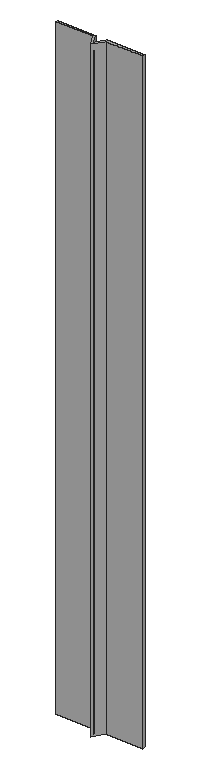
Revit family "Steni - Profile - Vertical Joint FP 6-30", category Generic Models, Revit 2016
Family settings
  Part Type = Normal
  Can host rebar = No
  Round Connector Dimension = Use Diameter
  Work Plane-Based = No
  Always vertical = Yes
  Cut with Voids When Loaded = No
  Shared = No
  Room Calculation Point = No
Parameters (values of type "Anodizen 15µ")
  Width = 0 mm
  URL = "http://bimobject.com/steni/product/steniprofiles_joint"
  Product family = "Steni Profiles"
  Model = "FP 6-30"
  Material main = Steni Aluminium Profile Anodized
  Manufacturer = "www.steni.com"
  Height [instance] = 250 mm
  Description = "Aluminium profile for Steni facade systems"
  DepthSmall = 1 mm
  DepthBig = 5.48 mm
Types (3, lengths in mm): name | Material main
  Anodizen 15µ | Steni Aluminium Profile Anodized
  S 0502-Y White | Steni Aluminium Profile White S0502-Y
  RAL 9005 Black | Steni Aluminium Profile Black RAL9005
Reference planes
  plane 1 "Center (Front/Back)": y = 0
  plane 2: z = 0
  plane 3 "Center (Left/Right)": x = 0
  plane 4: z = 250
Forms (mm)
  Extrusion 1, solid, material "Steni Aluminium Profile Anodized" <- "Material main"
    sketch origin (0.469, -0.998, 0) x (1, 0, 0) y (0, 1, 0)
      loop
        line (-0.469, -4.48) -> (2.223, 0) -> (17.219, 0) -> (17.219, 1) -> (1.657, 1) -> (-0.469, -2.538) -> (-2.595, 1) -> (-18.156, 1) -> (-18.156, 0) -> (-3.161, 0) -> (-0.469, -4.48)
    from 0 to 250
Dimensions and locks
  "Height": plane 4 to level
  "DepthSmall": Extrusion 1 to Extrusion 1
  "DepthBig": Extrusion 1 to Extrusion 1
  aligned and locked: level to plane 2
  aligned and locked: plane 4 to Extrusion 1
  aligned and locked: Extrusion 1 to level
Automatic sketch dimensions
  Extrusion 1 sketch curve to plane 3 "Center (Left/Right)" = 0 mm  (x2)
  plane 1 "Center (Front/Back)" to Extrusion 1 sketch curve = 5.478 mm
  Extrusion 1 sketch curve to plane 3 "Center (Left/Right)" = 2.126 mm
  plane 1 "Center (Front/Back)" to Extrusion 1 sketch curve = 0.998 mm  (x2)
  Extrusion 1 sketch curve to Extrusion 1 sketch curve = 0.566 mm  (x2)
  Extrusion 1 sketch curve to Extrusion 1 sketch curve = 14.996 mm  (x2)
  plane 3 "Center (Left/Right)" to Extrusion 1 sketch curve = 2.126 mm
  Extrusion 1 sketch curve to Extrusion 1 sketch curve = 1.942 mm
  Extrusion 1 sketch curve to Extrusion 1 sketch curve = 1 mm  (x2)
